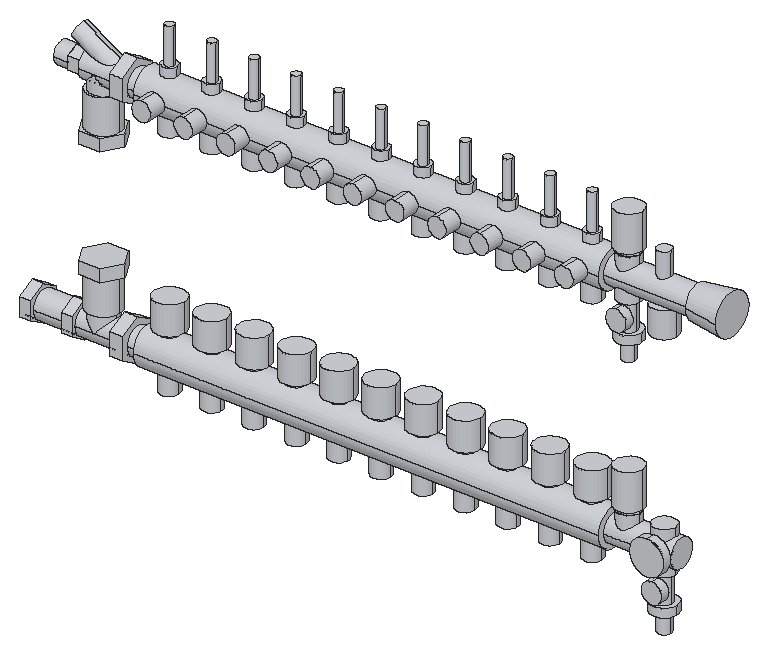
Revit family "318_1dab38ccfa9a4ba2b3cf6a35155c11", category Pipe Accessories, Revit 2017 (continued)
Automatic sketch dimensions
  Extrusion 11 sketch curve to plane 22 "369" = 3 mm
  plane 20 "371" to Extrusion 11 sketch curve = 4.5 mm  (x2)
  plane 37 "354" to Extrusion 11 sketch curve = 0.349 mm
  plane 17 "374" to Extrusion 11 sketch curve = 12.5 mm  (x2)
  Extrusion 11 sketch curve to plane 18 "373" = 3 mm
  Extrusion 11 sketch curve to plane 1 "Center (Front/Back)" = 21.651 mm
  plane 1 "Center (Front/Back)" to Extrusion 12 sketch curve = 0 mm  (x2)
  Extrusion 12 sketch curve to plane 22 "369" = 3 mm
  plane 37 "354" to Extrusion 12 sketch curve = 0.349 mm
  plane 20 "371" to Extrusion 12 sketch curve = 4.5 mm  (x2)
  plane 17 "374" to Extrusion 12 sketch curve = 12.5 mm  (x2)
  Extrusion 12 sketch curve to plane 18 "373" = 3 mm
  Extrusion 12 sketch curve to plane 1 "Center (Front/Back)" = 21.651 mm
  plane 20 "371" to Extrusion 13 sketch curve = 1 mm
  Extrusion 14 sketch curve to plane 20 "371" = 2 mm
  Extrusion 15 sketch curve to Extrusion 15 sketch curve = 10.5 mm
  Extrusion 15 sketch curve to Extrusion 15 sketch curve = 0 mm
  plane 5 "386" to Extrusion 16 sketch curve = 3.5 mm
  Extrusion 17 sketch curve to plane 1 "Center (Front/Back)" = 0 mm  (x2)
  plane 5 "386" to Extrusion 17 sketch curve = 3.01 mm
  Extrusion 17 sketch curve to plane 1 "Center (Front/Back)" = 12.99 mm
  plane 58 "333" to Extrusion 17 sketch curve = 1 mm
  Extrusion 17 sketch curve to level = 7.5 mm  (x2)
  level to Extrusion 17 sketch curve = 7.5 mm  (x2)
  Extrusion 17 sketch curve to plane 34 "357" = 7 mm
  Extrusion 18 sketch curve to plane 1 "Center (Front/Back)" = 0 mm  (x2)
  Extrusion 18 sketch curve to plane 14 "377" = 0 mm
  Extrusion 18 sketch curve to plane 5 "386" = 2.187 mm
  Extrusion 18 sketch curve to plane 1 "Center (Front/Back)" = 18.187 mm
  Extrusion 18 sketch curve to plane 14 "377" = 10.5 mm  (x2)
  Extrusion 18 sketch curve to plane 32 "359" = 10.5 mm  (x2)
  plane 60 "331" to Extrusion 18 sketch curve = 4 mm
  Extrusion 19 sketch curve to plane 1 "Center (Front/Back)" = 0 mm  (x2)
  Extrusion 19 sketch curve to plane 14 "377" = 0 mm
  Extrusion 19 sketch curve to plane 5 "386" = 2.187 mm
  Extrusion 19 sketch curve to plane 1 "Center (Front/Back)" = 18.187 mm
  Extrusion 19 sketch curve to plane 14 "377" = 10.5 mm  (x2)
  Extrusion 19 sketch curve to plane 32 "359" = 10.5 mm  (x2)
  plane 60 "331" to Extrusion 19 sketch curve = 4 mm
  Extrusion 20 sketch curve to plane 5 "386" = 0 mm
  Extrusion 21 sketch curve to plane 1 "Center (Front/Back)" = 0 mm  (x2)
  Extrusion 21 sketch curve to plane 53 "338" = 0 mm
  Extrusion 21 sketch curve to plane 54 "337" = 0 mm
  plane 37 "354" to Extrusion 21 sketch curve = 0.349 mm
  Extrusion 21 sketch curve to plane 34 "357" = 9.5 mm  (x2)
  Extrusion 21 sketch curve to plane 1 "Center (Front/Back)" = 21.651 mm
  plane 58 "333" to Extrusion 21 sketch curve = 3.5 mm  (x2)
  Extrusion 22 sketch curve to plane 1 "Center (Front/Back)" = 0 mm  (x2)
  Extrusion 22 sketch curve to plane 60 "331" = 0 mm
  Extrusion 22 sketch curve to plane 56 "335" = 0 mm
  plane 37 "354" to Extrusion 22 sketch curve = 0.349 mm
  Extrusion 22 sketch curve to plane 14 "377" = 8.5 mm  (x2)
  Extrusion 22 sketch curve to plane 1 "Center (Front/Back)" = 21.651 mm
  Extrusion 22 sketch curve to plane 32 "359" = 12.5 mm  (x2)
  Extrusion 23 sketch curve to plane 5 "386" = 0 mm
  Extrusion 110 sketch curve to plane 5 "386" = 0 mm
  Blend 111 sketch curve to plane 5 "386" = 3 mm
  Blend 111 sketch curve to plane 37 "354" = 2 mm
  plane 49 "342" to Extrusion 112 sketch curve = 5 mm
  plane 1 "Center (Front/Back)" to Extrusion 113 sketch curve = 0 mm  (x2)
  plane 49 "342" to Extrusion 113 sketch curve = 5 mm
  Extrusion 113 sketch curve to plane 52 "339" = 6.5 mm  (x2)
  Extrusion 113 sketch curve to plane 9 "382" = 2.258 mm
  Extrusion 113 sketch curve to plane 48 "343" = 0.5 mm  (x2)
  plane 48 "343" to Extrusion 113 sketch curve = 6 mm
  Extrusion 113 sketch curve to plane 1 "Center (Front/Back)" = 11.258 mm
  plane 49 "342" to Extrusion 114 sketch curve = 2 mm
  Extrusion 115 sketch curve to plane 5 "386" = 0 mm
  plane 49 "342" to Extrusion 116 sketch curve = 5 mm
  plane 49 "342" to Extrusion 117 sketch curve = 2 mm
  plane 1 "Center (Front/Back)" to Extrusion 118 sketch curve = 0 mm  (x2)
  plane 49 "342" to Extrusion 118 sketch curve = 5 mm
  Extrusion 118 sketch curve to plane 52 "339" = 6.5 mm  (x2)
  Extrusion 118 sketch curve to plane 9 "382" = 2.258 mm
  Extrusion 118 sketch curve to plane 48 "343" = 0.5 mm  (x2)
  plane 48 "343" to Extrusion 118 sketch curve = 6 mm
  Extrusion 118 sketch curve to plane 1 "Center (Front/Back)" = 11.258 mm
  Extrusion 119 sketch curve to plane 59 "332" = 15 mm
  Extrusion 120 sketch curve to plane 59 "332" = 8 mm
  plane 49 "342" to Extrusion 121 sketch curve = 9 mm
  Extrusion 122 sketch curve to Extrusion 122 sketch curve = 13 mm
  Extrusion 123 sketch curve to plane 9 "382" = 1 mm
  Extrusion 124 sketch curve to plane 9 "382" = 1 mm
  Extrusion 125 sketch curve to plane 9 "382" = 1 mm
  Extrusion 126 sketch curve to plane 9 "382" = 1 mm
  Extrusion 127 sketch curve to plane 9 "382" = 1 mm
  Extrusion 128 sketch curve to plane 9 "382" = 1 mm
  Extrusion 129 sketch curve to plane 9 "382" = 1 mm
  Extrusion 130 sketch curve to plane 9 "382" = 1 mm
  Extrusion 131 sketch curve to plane 9 "382" = 1 mm
  Extrusion 132 sketch curve to plane 9 "382" = 1 mm
  Extrusion 133 sketch curve to plane 9 "382" = 1 mm
  Extrusion 134 sketch curve to plane 9 "382" = 1 mm
  Extrusion 135 sketch curve to plane 9 "382" = 1 mm
  Extrusion 136 sketch curve to plane 9 "382" = 1 mm
  Extrusion 137 sketch curve to plane 9 "382" = 1 mm
  Extrusion 138 sketch curve to plane 9 "382" = 1 mm
  Extrusion 139 sketch curve to plane 9 "382" = 1 mm
  Extrusion 140 sketch curve to plane 9 "382" = 1 mm
  Extrusion 141 sketch curve to plane 9 "382" = 1 mm
  Extrusion 142 sketch curve to plane 9 "382" = 1 mm
  Extrusion 143 sketch curve to plane 9 "382" = 1 mm
  Extrusion 144 sketch curve to plane 9 "382" = 1 mm
  Extrusion 145 sketch curve to plane 9 "382" = 1 mm
  Extrusion 146 sketch curve to plane 9 "382" = 1 mm
Connectors
  piping at (0, 0, 0), diameter 25, driven by "Flow supply main", driven by "SMP"
    settings: on Extrusion 143, index 1, connector inside diameter 609.6 mm, connector length 0 mm, flow factor 0, pipe flow 0.0 L/s, pressure drop 0.0 Pa, fitting loss kfactor 0, connector angle 0.00°, fixture units 0, engagement length 0 mm, angle of deflection 0.00°, flow configuration 1, flow direction 1, fitting loss method 0, system type 7, joint type 0, gender type 0, connector reference index -1, connector utility 0, adjustable connector no, is connector primary yes, connector description "Main_1_1"
  piping at (127, 0, -40), diameter 18, driven by "Flow supply 1", driven by "SBP1"
    settings: on Extrusion 145, index 2, connector inside diameter 609.6 mm, connector length 0 mm, flow factor 0, pipe flow 0.0 L/s, pressure drop 0.0 Pa, fitting loss kfactor 0, connector angle 0.00°, fixture units 0, engagement length 0 mm, angle of deflection 0.00°, flow configuration 0, flow direction 2, fitting loss method 0, system type 7, joint type 0, gender type 0, connector reference index -1, connector utility 0, adjustable connector no, is connector primary no, connector description "Branch_1_1"
  piping at (177, 0, -40), diameter 18, driven by "Flow supply 2", driven by "SBP2"
    settings: on Extrusion 146, index 3, connector inside diameter 609.6 mm, connector length 0 mm, flow factor 0, pipe flow 0.0 L/s, pressure drop 0.0 Pa, fitting loss kfactor 0, connector angle 0.00°, fixture units 0, engagement length 0 mm, angle of deflection 0.00°, flow configuration 0, flow direction 2, fitting loss method 0, system type 7, joint type 0, gender type 0, connector reference index -1, connector utility 0, adjustable connector no, is connector primary no, connector description "Branch_1_2"
  piping at (227, 0, -40), diameter 18, driven by "Flow supply 3", driven by "SBP3"
    settings: on Extrusion 142, index 4, connector inside diameter 609.6 mm, connector length 0 mm, flow factor 0, pipe flow 0.0 L/s, pressure drop 0.0 Pa, fitting loss kfactor 0, connector angle 0.00°, fixture units 0, engagement length 0 mm, angle of deflection 0.00°, flow configuration 0, flow direction 2, fitting loss method 0, system type 7, joint type 0, gender type 0, connector reference index -1, connector utility 0, adjustable connector no, is connector primary no, connector description "Branch_1_3"
  piping at (277, 0, -40), diameter 18, driven by "Flow supply 4", driven by "SBP4"
    settings: on Extrusion 141, index 5, connector inside diameter 609.6 mm, connector length 0 mm, flow factor 0, pipe flow 0.0 L/s, pressure drop 0.0 Pa, fitting loss kfactor 0, connector angle 0.00°, fixture units 0, engagement length 0 mm, angle of deflection 0.00°, flow configuration 0, flow direction 2, fitting loss method 0, system type 7, joint type 0, gender type 0, connector reference index -1, connector utility 0, adjustable connector no, is connector primary no, connector description "Branch_1_4"
  piping at (327, 0, -40), diameter 18, driven by "Flow supply 5", driven by "SBP5"
    settings: on Extrusion 140, index 6, connector inside diameter 609.6 mm, connector length 0 mm, flow factor 0, pipe flow 0.0 L/s, pressure drop 0.0 Pa, fitting loss kfactor 0, connector angle 0.00°, fixture units 0, engagement length 0 mm, angle of deflection 0.00°, flow configuration 0, flow direction 2, fitting loss method 0, system type 7, joint type 0, gender type 0, connector reference index -1, connector utility 0, adjustable connector no, is connector primary no, connector description "Branch_1_5"
  piping at (377, 0, -40), diameter 18, driven by "Flow supply 6", driven by "SBP6"
    settings: on Extrusion 139, index 7, connector inside diameter 609.6 mm, connector length 0 mm, flow factor 0, pipe flow 0.0 L/s, pressure drop 0.0 Pa, fitting loss kfactor 0, connector angle 0.00°, fixture units 0, engagement length 0 mm, angle of deflection 0.00°, flow configuration 0, flow direction 2, fitting loss method 0, system type 7, joint type 0, gender type 0, connector reference index -1, connector utility 0, adjustable connector no, is connector primary no, connector description "Branch_1_6"
  piping at (427, 0, -40), diameter 18, driven by "Flow supply 7", driven by "SBP7"
    settings: on Extrusion 138, index 8, connector inside diameter 609.6 mm, connector length 0 mm, flow factor 0, pipe flow 0.0 L/s, pressure drop 0.0 Pa, fitting loss kfactor 0, connector angle 0.00°, fixture units 0, engagement length 0 mm, angle of deflection 0.00°, flow configuration 0, flow direction 2, fitting loss method 0, system type 7, joint type 0, gender type 0, connector reference index -1, connector utility 0, adjustable connector no, is connector primary no, connector description "Branch_1_7"
  piping at (477, 0, -40), diameter 18, driven by "Flow supply 8", driven by "SBP8"
    settings: on Extrusion 134, index 9, connector inside diameter 609.6 mm, connector length 0 mm, flow factor 0, pipe flow 0.0 L/s, pressure drop 0.0 Pa, fitting loss kfactor 0, connector angle 0.00°, fixture units 0, engagement length 0 mm, angle of deflection 0.00°, flow configuration 0, flow direction 2, fitting loss method 0, system type 7, joint type 0, gender type 0, connector reference index -1, connector utility 0, adjustable connector no, is connector primary no, connector description "Branch_1_8"
  piping at (527, 0, -40), diameter 18, driven by "Flow supply 9", driven by "SBP9"
    settings: on Extrusion 135, index 10, connector inside diameter 609.6 mm, connector length 0 mm, flow factor 0, pipe flow 0.0 L/s, pressure drop 0.0 Pa, fitting loss kfactor 0, connector angle 0.00°, fixture units 0, engagement length 0 mm, angle of deflection 0.00°, flow configuration 0, flow direction 2, fitting loss method 0, system type 7, joint type 0, gender type 0, connector reference index -1, connector utility 0, adjustable connector no, is connector primary no, connector description "Branch_1_9"
  piping at (577, 0, -40), diameter 18, driven by "Flow supply 10", driven by "SBP10"
    settings: on Extrusion 136, index 11, connector inside diameter 609.6 mm, connector length 0 mm, flow factor 0, pipe flow 0.0 L/s, pressure drop 0.0 Pa, fitting loss kfactor 0, connector angle 0.00°, fixture units 0, engagement length 0 mm, angle of deflection 0.00°, flow configuration 0, flow direction 2, fitting loss method 0, system type 7, joint type 0, gender type 0, connector reference index -1, connector utility 0, adjustable connector no, is connector primary no, connector description "Branch_1_10"
  piping at (627, 0, -40), diameter 18, driven by "Flow supply 11", driven by "SBP11"
    settings: on Extrusion 137, index 12, connector inside diameter 609.6 mm, connector length 0 mm, flow factor 0, pipe flow 0.0 L/s, pressure drop 0.0 Pa, fitting loss kfactor 0, connector angle 0.00°, fixture units 0, engagement length 0 mm, angle of deflection 0.00°, flow configuration 0, flow direction 2, fitting loss method 0, system type 7, joint type 0, gender type 0, connector reference index -1, connector utility 0, adjustable connector no, is connector primary no, connector description "Branch_1_11"
  piping at (-35, 0, -274), diameter 25, driven by "Flow return main", driven by "RMP"
    settings: on Extrusion 144, index 13, connector inside diameter 609.6 mm, connector length 0 mm, flow factor 0, pipe flow 0.0 L/s, pressure drop 0.0 Pa, fitting loss kfactor 0, connector angle 0.00°, fixture units 0, engagement length 0 mm, angle of deflection 0.00°, flow configuration 1, flow direction 2, fitting loss method 0, system type 8, joint type 0, gender type 0, connector reference index -1, connector utility 0, adjustable connector no, is connector primary no, connector description "Main_2_1"
  piping at (127, 0, -314), diameter 18, driven by "Flow return 1", driven by "RBP1"
    settings: on Extrusion 132, index 14, connector inside diameter 609.6 mm, connector length 0 mm, flow factor 0, pipe flow 0.0 L/s, pressure drop 0.0 Pa, fitting loss kfactor 0, connector angle 0.00°, fixture units 0, engagement length 0 mm, angle of deflection 0.00°, flow configuration 0, flow direction 1, fitting loss method 0, system type 8, joint type 0, gender type 0, connector reference index -1, connector utility 0, adjustable connector no, is connector primary no, connector description "Branch_2_1"
  piping at (177, 0, -314), diameter 18, driven by "Flow return 2", driven by "RBP2"
    settings: on Extrusion 131, index 15, connector inside diameter 609.6 mm, connector length 0 mm, flow factor 0, pipe flow 0.0 L/s, pressure drop 0.0 Pa, fitting loss kfactor 0, connector angle 0.00°, fixture units 0, engagement length 0 mm, angle of deflection 0.00°, flow configuration 0, flow direction 1, fitting loss method 0, system type 8, joint type 0, gender type 0, connector reference index -1, connector utility 0, adjustable connector no, is connector primary no, connector description "Branch_2_2"
  piping at (227, 0, -314), diameter 18, driven by "Flow return 3", driven by "RBP3"
    settings: on Extrusion 133, index 16, connector inside diameter 609.6 mm, connector length 0 mm, flow factor 0, pipe flow 0.0 L/s, pressure drop 0.0 Pa, fitting loss kfactor 0, connector angle 0.00°, fixture units 0, engagement length 0 mm, angle of deflection 0.00°, flow configuration 0, flow direction 1, fitting loss method 0, system type 8, joint type 0, gender type 0, connector reference index -1, connector utility 0, adjustable connector no, is connector primary no, connector description "Branch_2_3"
  piping at (277, 0, -314), diameter 18, driven by "Flow return 4", driven by "RBP4"
    settings: on Extrusion 130, index 17, connector inside diameter 609.6 mm, connector length 0 mm, flow factor 0, pipe flow 0.0 L/s, pressure drop 0.0 Pa, fitting loss kfactor 0, connector angle 0.00°, fixture units 0, engagement length 0 mm, angle of deflection 0.00°, flow configuration 0, flow direction 1, fitting loss method 0, system type 8, joint type 0, gender type 0, connector reference index -1, connector utility 0, adjustable connector no, is connector primary no, connector description "Branch_2_4"
  piping at (327, 0, -314), diameter 18, driven by "Flow return 5", driven by "RBP5"
    settings: on Extrusion 129, index 18, connector inside diameter 609.6 mm, connector length 0 mm, flow factor 0, pipe flow 0.0 L/s, pressure drop 0.0 Pa, fitting loss kfactor 0, connector angle 0.00°, fixture units 0, engagement length 0 mm, angle of deflection 0.00°, flow configuration 0, flow direction 1, fitting loss method 0, system type 8, joint type 0, gender type 0, connector reference index -1, connector utility 0, adjustable connector no, is connector primary no, connector description "Branch_2_5"
  piping at (377, 0, -314), diameter 18, driven by "Flow return 6", driven by "RBP6"
    settings: on Extrusion 128, index 19, connector inside diameter 609.6 mm, connector length 0 mm, flow factor 0, pipe flow 0.0 L/s, pressure drop 0.0 Pa, fitting loss kfactor 0, connector angle 0.00°, fixture units 0, engagement length 0 mm, angle of deflection 0.00°, flow configuration 0, flow direction 1, fitting loss method 0, system type 8, joint type 0, gender type 0, connector reference index -1, connector utility 0, adjustable connector no, is connector primary no, connector description "Branch_2_6"
  piping at (427, 0, -314), diameter 18, driven by "Flow return 7", driven by "RBP7"
    settings: on Extrusion 127, index 20, connector inside diameter 609.6 mm, connector length 0 mm, flow factor 0, pipe flow 0.0 L/s, pressure drop 0.0 Pa, fitting loss kfactor 0, connector angle 0.00°, fixture units 0, engagement length 0 mm, angle of deflection 0.00°, flow configuration 0, flow direction 1, fitting loss method 0, system type 8, joint type 0, gender type 0, connector reference index -1, connector utility 0, adjustable connector no, is connector primary no, connector description "Branch_2_7"
  piping at (477, 0, -314), diameter 18, driven by "Flow return 8", driven by "RBP8"
    settings: on Extrusion 125, index 21, connector inside diameter 609.6 mm, connector length 0 mm, flow factor 0, pipe flow 0.0 L/s, pressure drop 0.0 Pa, fitting loss kfactor 0, connector angle 0.00°, fixture units 0, engagement length 0 mm, angle of deflection 0.00°, flow configuration 0, flow direction 1, fitting loss method 0, system type 8, joint type 0, gender type 0, connector reference index -1, connector utility 0, adjustable connector no, is connector primary no, connector description "Branch_2_8"
  piping at (527, 0, -314), diameter 18, driven by "Flow return 9", driven by "RBP9"
    settings: on Extrusion 126, index 22, connector inside diameter 609.6 mm, connector length 0 mm, flow factor 0, pipe flow 0.0 L/s, pressure drop 0.0 Pa, fitting loss kfactor 0, connector angle 0.00°, fixture units 0, engagement length 0 mm, angle of deflection 0.00°, flow configuration 0, flow direction 1, fitting loss method 0, system type 8, joint type 0, gender type 0, connector reference index -1, connector utility 0, adjustable connector no, is connector primary no, connector description "Branch_2_9"
  piping at (577, 0, -314), diameter 18, driven by "Flow return 10", driven by "RBP10"
    settings: on Extrusion 123, index 23, connector inside diameter 609.6 mm, connector length 0 mm, flow factor 0, pipe flow 0.0 L/s, pressure drop 0.0 Pa, fitting loss kfactor 0, connector angle 0.00°, fixture units 0, engagement length 0 mm, angle of deflection 0.00°, flow configuration 0, flow direction 1, fitting loss method 0, system type 8, joint type 0, gender type 0, connector reference index -1, connector utility 0, adjustable connector no, is connector primary no, connector description "Branch_2_10"
  piping at (627, 0, -314), diameter 18, driven by "Flow return 11", driven by "RBP11"
    settings: on Extrusion 124, index 24, connector inside diameter 609.6 mm, connector length 0 mm, flow factor 0, pipe flow 0.0 L/s, pressure drop 0.0 Pa, fitting loss kfactor 0, connector angle 0.00°, fixture units 0, engagement length 0 mm, angle of deflection 0.00°, flow configuration 0, flow direction 1, fitting loss method 0, system type 8, joint type 0, gender type 0, connector reference index -1, connector utility 0, adjustable connector no, is connector primary no, connector description "Branch_2_11"
